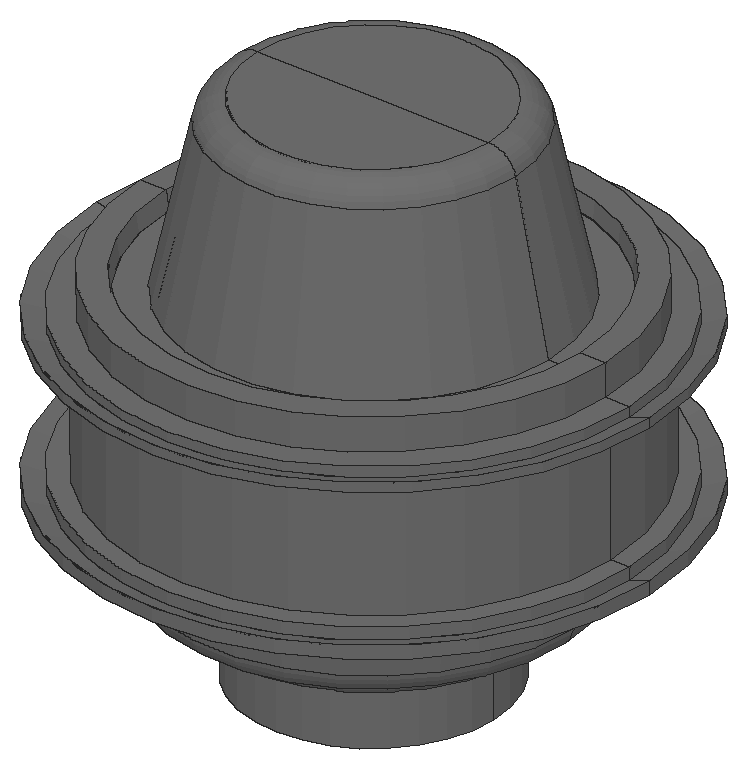
Revit family (continued)
Lines and regions (in)
  model lines
    curve 403: arc (-3.86978, 2.48088, 2.95055) -> (-3.97623, 2.25467, 2.70055) -> (-4.08267, 2.02846, 2.95055) r 0.25
    curve 404: arc (-3.81656, 2.59398, 2.63132) -> (-3.71012, 2.82019, 2.88132) -> (-3.60367, 3.04639, 2.63132) r 0.25
    curve 405: arc (-3.60367, 3.04639, 2.63132) -> (-3.71012, 2.82019, 2.38132) -> (-3.81656, 2.59398, 2.63132) r 0.25
    curve 406: arc (-3.81656, 2.59398, 2.06882) -> (-3.71012, 2.82019, 2.31882) -> (-3.60367, 3.04639, 2.06882) r 0.25
    curve 407: arc (-3.60367, 3.04639, 2.06882) -> (-3.71012, 2.82019, 1.81882) -> (-3.81656, 2.59398, 2.06882) r 0.25
    curve 408: arc (-3.81656, 2.59398, 1.50632) -> (-3.71012, 2.82019, 1.75632) -> (-3.60367, 3.04639, 1.50632) r 0.25
    curve 409: arc (-3.60367, 3.04639, 1.50632) -> (-3.71012, 2.82019, 1.25632) -> (-3.81656, 2.59398, 1.50632) r 0.25
    curve 410: arc (-3.81656, 2.59398, 0.85031) -> (-3.71012, 2.82019, 1.10031) -> (-3.60367, 3.04639, 0.85031) r 0.25
    curve 411: arc (-3.60367, 3.04639, 0.85031) -> (-3.71012, 2.82019, 0.60031) -> (-3.81656, 2.59398, 0.85031) r 0.25
    curve 412: arc (-4.09455, 2.00323, 2.38132) -> (-3.9881, 2.22944, 2.63132) -> (-3.88166, 2.45565, 2.38132) r 0.25
    curve 413: arc (-3.88166, 2.45565, 2.38132) -> (-3.9881, 2.22944, 2.13132) -> (-4.09455, 2.00323, 2.38132) r 0.25
    curve 414: arc (-4.09455, 2.00323, 1.78721) -> (-3.9881, 2.22944, 2.03721) -> (-3.88166, 2.45565, 1.78721) r 0.25
    curve 415: arc (-3.88166, 2.45565, 1.78721) -> (-3.9881, 2.22944, 1.53721) -> (-4.09455, 2.00323, 1.78721) r 0.25
    curve 416: arc (-4.09455, 2.00323, 1.16473) -> (-3.9881, 2.22944, 1.41473) -> (-3.88166, 2.45565, 1.16473) r 0.25
    curve 417: arc (-3.88166, 2.45565, 1.16473) -> (-3.9881, 2.22944, 0.91473) -> (-4.09455, 2.00323, 1.16473) r 0.25
    curve 418: line (-1.22342, 1.96093, 8.40741) -> (-1.95237, 2.30395, 4.83638)
    curve 419: line (-1.38309, 1.62162, 8.40741) -> (-2.1298, 1.973, 4.74935)
    curve 420: arc (-1.22342, 1.96093, 8.40741) -> (-1.26592, 1.7737, 8.59032) -> (-1.38309, 1.62162, 8.40741) r 0.1875
    curve 421: arc (-4.26874, 0.98536, 3.19382) -> (-4.22189, 1.23094, 3.44382) -> (-4.17505, 1.47651, 3.19382) r 0.25
    curve 422: arc (-4.17505, 1.47651, 3.19382) -> (-4.22189, 1.23094, 2.94382) -> (-4.26874, 0.98536, 3.19382) r 0.25
    curve 423: arc (-4.38585, 0.37143, 2.95055) -> (-4.33901, 0.61701, 3.20055) -> (-4.29216, 0.86258, 2.95055) r 0.25
    curve 424: arc (-4.29216, 0.86258, 2.95055) -> (-4.33901, 0.61701, 2.70055) -> (-4.38585, 0.37143, 2.95055) r 0.25
    curve 425: arc (-4.26874, 0.98536, 2.63132) -> (-4.22189, 1.23094, 2.88132) -> (-4.17505, 1.47651, 2.63132) r 0.25
    curve 426: arc (-4.17505, 1.47651, 2.63132) -> (-4.22189, 1.23094, 2.38132) -> (-4.26874, 0.98536, 2.63132) r 0.25
    curve 427: arc (-4.26874, 0.98536, 2.06882) -> (-4.22189, 1.23094, 2.31882) -> (-4.17505, 1.47651, 2.06882) r 0.25
    curve 428: arc (-4.17505, 1.47651, 2.06882) -> (-4.22189, 1.23094, 1.81882) -> (-4.26874, 0.98536, 2.06882) r 0.25
    curve 429: arc (-4.26874, 0.98536, 1.50632) -> (-4.22189, 1.23094, 1.75632) -> (-4.17505, 1.47651, 1.50632) r 0.25
    curve 430: arc (-4.17505, 1.47651, 1.50632) -> (-4.22189, 1.23094, 1.25632) -> (-4.26874, 0.98536, 1.50632) r 0.25
    curve 431: arc (-4.26874, 0.98536, 0.85031) -> (-4.22189, 1.23094, 1.10031) -> (-4.17505, 1.47651, 0.85031) r 0.25
    curve 432: arc (-4.17505, 1.47651, 0.85031) -> (-4.22189, 1.23094, 0.60031) -> (-4.26874, 0.98536, 0.85031) r 0.25
    curve 433: arc (-4.39108, 0.34405, 2.38132) -> (-4.34423, 0.58962, 2.63132) -> (-4.29739, 0.83519, 2.38132) r 0.25
    curve 434: arc (-4.29739, 0.83519, 2.38132) -> (-4.34423, 0.58962, 2.13132) -> (-4.39108, 0.34405, 2.38132) r 0.25
    curve 435: arc (-4.39108, 0.34405, 1.78721) -> (-4.34423, 0.58962, 2.03721) -> (-4.29739, 0.83519, 1.78721) r 0.25
    curve 436: arc (-4.29739, 0.83519, 1.78721) -> (-4.34423, 0.58962, 1.53721) -> (-4.39108, 0.34405, 1.78721) r 0.25
    curve 437: arc (-4.39108, 0.34405, 1.16473) -> (-4.34423, 0.58962, 1.41473) -> (-4.29739, 0.83519, 1.16473) r 0.25
    curve 438: arc (-4.29739, 0.83519, 1.16473) -> (-4.34423, 0.58962, 0.91473) -> (-4.39108, 0.34405, 1.16473) r 0.25
    curve 439: line (-1.59963, 1.01709, 8.40741) -> (-2.39099, 1.16805, 4.83638)
    curve 440: line (-1.6699, 0.64873, 8.40741) -> (-2.48054, 0.80337, 4.74935)
    curve 441: arc (-1.59963, 1.01709, 8.40741) -> (-1.59424, 0.82518, 8.59032) -> (-1.6699, 0.64873, 8.40741) r 0.1875
    curve 442: arc (-4.30666, -0.68516, 3.19382) -> (-4.32236, -0.43566, 3.44382) -> (-4.33806, -0.18615, 3.19382) r 0.25
    curve 443: arc (-4.33806, -0.18615, 3.19382) -> (-4.32236, -0.43566, 2.94382) -> (-4.30666, -0.68516, 3.19382) r 0.25
    curve 444: arc (-4.26742, -1.30893, 2.95055) -> (-4.28312, -1.05942, 3.20055) -> (-4.29881, -0.80992, 2.95055) r 0.25
    curve 445: arc (-4.29881, -0.80992, 2.95055) -> (-4.28312, -1.05942, 2.70055) -> (-4.26742, -1.30893, 2.95055) r 0.25
    curve 446: arc (-4.30666, -0.68516, 2.63132) -> (-4.32236, -0.43566, 2.88132) -> (-4.33806, -0.18615, 2.63132) r 0.25
    curve 447: arc (-4.33806, -0.18615, 2.63132) -> (-4.32236, -0.43566, 2.38132) -> (-4.30666, -0.68516, 2.63132) r 0.25
    curve 448: arc (-4.30666, -0.68516, 2.06882) -> (-4.32236, -0.43566, 2.31882) -> (-4.33806, -0.18615, 2.06882) r 0.25
    curve 449: arc (-4.33806, -0.18615, 2.06882) -> (-4.32236, -0.43566, 1.81882) -> (-4.30666, -0.68516, 2.06882) r 0.25
    curve 450: arc (-4.30666, -0.68516, 1.50632) -> (-4.32236, -0.43566, 1.75632) -> (-4.33806, -0.18615, 1.50632) r 0.25
    curve 451: arc (-4.33806, -0.18615, 1.50632) -> (-4.32236, -0.43566, 1.25632) -> (-4.30666, -0.68516, 1.50632) r 0.25
    curve 452: arc (-4.30666, -0.68516, 0.85031) -> (-4.32236, -0.43566, 1.10031) -> (-4.33806, -0.18615, 0.85031) r 0.25
    curve 453: arc (-4.33806, -0.18615, 0.85031) -> (-4.32236, -0.43566, 0.60031) -> (-4.30666, -0.68516, 0.85031) r 0.25
    curve 454: arc (-4.26567, -1.33676, 2.38132) -> (-4.28136, -1.08725, 2.63132) -> (-4.29706, -0.83775, 2.38132) r 0.25
    curve 455: arc (-4.29706, -0.83775, 2.38132) -> (-4.28136, -1.08725, 2.13132) -> (-4.26567, -1.33676, 2.38132) r 0.25
    curve 456: arc (-4.26567, -1.33676, 1.78721) -> (-4.28136, -1.08725, 2.03721) -> (-4.29706, -0.83775, 1.78721) r 0.25
    curve 457: arc (-4.29706, -0.83775, 1.78721) -> (-4.28136, -1.08725, 1.53721) -> (-4.26567, -1.33676, 1.78721) r 0.25
    curve 458: arc (-4.26567, -1.33676, 1.16473) -> (-4.28136, -1.08725, 1.41473) -> (-4.29706, -0.83775, 1.16473) r 0.25
    curve 459: arc (-4.29706, -0.83775, 1.16473) -> (-4.28136, -1.08725, 0.91473) -> (-4.26567, -1.33676, 1.16473) r 0.25
    curve 460: line (-1.7293, 0.00934, 8.40741) -> (-2.53333, -0.04124, 4.83638)
    curve 461: line (-1.70576, -0.36492, 8.40741) -> (-2.52938, -0.41674, 4.74935)
    curve 462: arc (-1.7293, 0.00934, 8.40741) -> (-1.67635, -0.1752, 8.59032) -> (-1.70576, -0.36492, 8.40741) r 0.1875
    curve 463: arc (-3.92795, -2.31264, 3.19382) -> (-4.00521, -2.07488, 3.44382) -> (-4.08246, -1.83711, 3.19382) r 0.25
    curve 464: arc (-4.08246, -1.83711, 3.19382) -> (-4.00521, -2.07488, 2.94382) -> (-3.92795, -2.31264, 3.19382) r 0.25
    curve 465: arc (-3.73482, -2.90705, 2.95055) -> (-3.81207, -2.66929, 3.20055) -> (-3.88932, -2.43152, 2.95055) r 0.25
    curve 466: arc (-3.88932, -2.43152, 2.95055) -> (-3.81207, -2.66929, 2.70055) -> (-3.73482, -2.90705, 2.95055) r 0.25
    curve 467: arc (-3.92795, -2.31264, 2.63132) -> (-4.00521, -2.07488, 2.88132) -> (-4.08246, -1.83711, 2.63132) r 0.25
    curve 468: arc (-4.08246, -1.83711, 2.63132) -> (-4.00521, -2.07488, 2.38132) -> (-3.92795, -2.31264, 2.63132) r 0.25
    curve 469: arc (-3.92795, -2.31264, 2.06882) -> (-4.00521, -2.07488, 2.31882) -> (-4.08246, -1.83711, 2.06882) r 0.25
    curve 470: arc (-4.08246, -1.83711, 2.06882) -> (-4.00521, -2.07488, 1.81882) -> (-3.92795, -2.31264, 2.06882) r 0.25
    curve 471: arc (-3.92795, -2.31264, 1.50632) -> (-4.00521, -2.07488, 1.75632) -> (-4.08246, -1.83711, 1.50632) r 0.25
    curve 472: arc (-4.08246, -1.83711, 1.50632) -> (-4.00521, -2.07488, 1.25632) -> (-3.92795, -2.31264, 1.50632) r 0.25
    curve 473: arc (-3.92795, -2.31264, 0.85031) -> (-4.00521, -2.07488, 1.10031) -> (-4.08246, -1.83711, 0.85031) r 0.25
    curve 474: arc (-4.08246, -1.83711, 0.85031) -> (-4.00521, -2.07488, 0.60031) -> (-3.92795, -2.31264, 0.85031) r 0.25
    curve 475: arc (-3.7262, -2.93357, 2.38132) -> (-3.80345, -2.69581, 2.63132) -> (-3.88071, -2.45804, 2.38132) r 0.25
    curve 476: arc (-3.88071, -2.45804, 2.38132) -> (-3.80345, -2.69581, 2.13132) -> (-3.7262, -2.93357, 2.38132) r 0.25
    curve 477: arc (-3.7262, -2.93357, 1.78721) -> (-3.80345, -2.69581, 2.03721) -> (-3.88071, -2.45804, 1.78721) r 0.25
    curve 478: arc (-3.88071, -2.45804, 1.78721) -> (-3.80345, -2.69581, 1.53721) -> (-3.7262, -2.93357, 1.78721) r 0.25
    curve 479: arc (-3.7262, -2.93357, 1.16473) -> (-3.80345, -2.69581, 1.41473) -> (-3.88071, -2.45804, 1.16473) r 0.25
    curve 480: arc (-3.88071, -2.45804, 1.16473) -> (-3.80345, -2.69581, 0.91473) -> (-3.7262, -2.93357, 1.16473) r 0.25
    curve 481: line (-1.60428, -0.99899, 8.40741) -> (-2.37047, -1.24794, 4.83638)
    curve 482: line (-1.4884, -1.35564, 8.40741) -> (-2.27326, -1.61066, 4.74935)
    curve 483: arc (-1.60428, -0.99899, 8.40741) -> (-1.5071, -1.16456, 8.59032) -> (-1.4884, -1.35564, 8.40741) r 0.1875
    curve 484: arc (-3.1564, -3.79481, 3.19382) -> (-3.29036, -3.58373, 3.44382) -> (-3.42431, -3.37264, 3.19382) r 0.25
    curve 485: arc (-3.42431, -3.37264, 3.19382) -> (-3.29036, -3.58373, 2.94382) -> (-3.1564, -3.79481, 3.19382) r 0.25
    curve 486: arc (-2.82151, -4.32251, 2.95055) -> (-2.95547, -4.11143, 3.20055) -> (-3.08942, -3.90035, 2.95055) r 0.25
    curve 487: arc (-3.08942, -3.90035, 2.95055) -> (-2.95547, -4.11143, 2.70055) -> (-2.82151, -4.32251, 2.95055) r 0.25
    curve 488: arc (-3.1564, -3.79481, 2.63132) -> (-3.29036, -3.58373, 2.88132) -> (-3.42431, -3.37264, 2.63132) r 0.25
    curve 489: arc (-3.42431, -3.37264, 2.63132) -> (-3.29036, -3.58373, 2.38132) -> (-3.1564, -3.79481, 2.63132) r 0.25
    curve 490: arc (-3.1564, -3.79481, 2.06882) -> (-3.29036, -3.58373, 2.31882) -> (-3.42431, -3.37264, 2.06882) r 0.25
    curve 491: arc (-3.42431, -3.37264, 2.06882) -> (-3.29036, -3.58373, 1.81882) -> (-3.1564, -3.79481, 2.06882) r 0.25
    curve 492: arc (-3.1564, -3.79481, 1.50632) -> (-3.29036, -3.58373, 1.75632) -> (-3.42431, -3.37264, 1.50632) r 0.25
    curve 493: arc (-3.42431, -3.37264, 1.50632) -> (-3.29036, -3.58373, 1.25632) -> (-3.1564, -3.79481, 1.50632) r 0.25
    curve 494: arc (-3.1564, -3.79481, 0.85031) -> (-3.29036, -3.58373, 1.10031) -> (-3.42431, -3.37264, 0.85031) r 0.25
    curve 495: arc (-3.42431, -3.37264, 0.85031) -> (-3.29036, -3.58373, 0.60031) -> (-3.1564, -3.79481, 0.85031) r 0.25
    curve 496: arc (-2.80657, -4.34606, 2.38132) -> (-2.94052, -4.13497, 2.63132) -> (-3.07448, -3.92389, 2.38132) r 0.25
    curve 497: arc (-3.07448, -3.92389, 2.38132) -> (-2.94052, -4.13497, 2.13132) -> (-2.80657, -4.34606, 2.38132) r 0.25
    curve 498: arc (-2.80657, -4.34606, 1.78721) -> (-2.94052, -4.13497, 2.03721) -> (-3.07448, -3.92389, 1.78721) r 0.25
    curve 499: arc (-3.07448, -3.92389, 1.78721) -> (-2.94052, -4.13497, 1.53721) -> (-2.80657, -4.34606, 1.78721) r 0.25
    curve 500: arc (-2.80657, -4.34606, 1.16473) -> (-2.94052, -4.13497, 1.41473) -> (-3.07448, -3.92389, 1.16473) r 0.25
    curve 501: arc (-3.07448, -3.92389, 1.16473) -> (-2.94052, -4.13497, 0.91473) -> (-2.80657, -4.34606, 1.16473) r 0.25
    curve 502: line (-1.23242, -1.94455, 8.40741) -> (-1.91263, -2.37623, 4.83638)
    curve 503: line (-1.03149, -2.26118, 8.40741) -> (-1.72828, -2.70337, 4.74935)
    curve 504: arc (-1.23242, -1.94455, 8.40741) -> (-1.09712, -2.08076, 8.59032) -> (-1.03149, -2.26118, 8.40741) r 0.1875
    curve 505: arc (-2.04049, -5.03853, 3.19382) -> (-2.22273, -4.8674, 3.44382) -> (-2.40497, -4.69626, 3.19382) r 0.25
    curve 506: arc (-2.40497, -4.69626, 3.19382) -> (-2.22273, -4.8674, 2.94382) -> (-2.04049, -5.03853, 3.19382) r 0.25
    curve 507: arc (-1.58488, -5.46637, 2.95055) -> (-1.76713, -5.29524, 3.20055) -> (-1.94937, -5.1241, 2.95055) r 0.25
    curve 508: arc (-1.94937, -5.1241, 2.95055) -> (-1.76713, -5.29524, 2.70055) -> (-1.58488, -5.46637, 2.95055) r 0.25
    curve 509: arc (-2.04049, -5.03853, 2.63132) -> (-2.22273, -4.8674, 2.88132) -> (-2.40497, -4.69626, 2.63132) r 0.25
    curve 510: arc (-2.40497, -4.69626, 2.63132) -> (-2.22273, -4.8674, 2.38132) -> (-2.04049, -5.03853, 2.63132) r 0.25
    curve 511: arc (-2.04049, -5.03853, 2.06882) -> (-2.22273, -4.8674, 2.31882) -> (-2.40497, -4.69626, 2.06882) r 0.25
    curve 512: arc (-2.40497, -4.69626, 2.06882) -> (-2.22273, -4.8674, 1.81882) -> (-2.04049, -5.03853, 2.06882) r 0.25
    curve 513: arc (-2.04049, -5.03853, 1.50632) -> (-2.22273, -4.8674, 1.75632) -> (-2.40497, -4.69626, 1.50632) r 0.25
    curve 514: arc (-2.40497, -4.69626, 1.50632) -> (-2.22273, -4.8674, 1.25632) -> (-2.04049, -5.03853, 1.50632) r 0.25
    curve 515: arc (-2.04049, -5.03853, 0.85031) -> (-2.22273, -4.8674, 1.10031) -> (-2.40497, -4.69626, 0.85031) r 0.25
    curve 516: arc (-2.40497, -4.69626, 0.85031) -> (-2.22273, -4.8674, 0.60031) -> (-2.04049, -5.03853, 0.85031) r 0.25
    curve 517: arc (-1.56456, -5.48546, 2.38132) -> (-1.7468, -5.31432, 2.63132) -> (-1.92904, -5.14319, 2.38132) r 0.25
    curve 518: arc (-1.92904, -5.14319, 2.38132) -> (-1.7468, -5.31432, 2.13132) -> (-1.56456, -5.48546, 2.38132) r 0.25
    curve 519: arc (-1.56456, -5.48546, 1.78721) -> (-1.7468, -5.31432, 2.03721) -> (-1.92904, -5.14319, 1.78721) r 0.25
    curve 520: arc (-1.92904, -5.14319, 1.78721) -> (-1.7468, -5.31432, 1.53721) -> (-1.56456, -5.48546, 1.78721) r 0.25
    curve 521: arc (-1.56456, -5.48546, 1.16473) -> (-1.7468, -5.31432, 1.41473) -> (-1.92904, -5.14319, 1.16473) r 0.25
    curve 522: arc (-1.92904, -5.14319, 1.16473) -> (-1.7468, -5.31432, 0.91473) -> (-1.56456, -5.48546, 1.16473) r 0.25
    curve 523: line (-0.6371, -2.76793, 8.40741) -> (-1.18858, -3.35521, 4.83638)
    curve 524: line (-0.36373, -3.02464, 8.40741) -> (-0.92866, -3.62623, 4.74935)
    curve 525: arc (-0.6371, -2.76793, 8.40741) -> (-0.47217, -2.86621, 8.59032) -> (-0.36373, -3.02464, 8.40741) r 0.1875
    curve 526: arc (-0.65034, -5.96567, 3.19382) -> (-0.86941, -5.84523, 3.44382) -> (-1.08849, -5.72479, 3.19382) r 0.25
    curve 527: arc (-1.08849, -5.72479, 3.19382) -> (-0.86941, -5.84523, 2.94382) -> (-0.65034, -5.96567, 3.19382) r 0.25
    curve 528: arc (-0.10264, -6.26676, 2.95055) -> (-0.32172, -6.14632, 3.20055) -> (-0.5408, -6.02589, 2.95055) r 0.25
    curve 529: arc (-0.5408, -6.02589, 2.95055) -> (-0.32172, -6.14632, 2.70055) -> (-0.10264, -6.26676, 2.95055) r 0.25
    curve 530: arc (-0.65034, -5.96567, 2.63132) -> (-0.86941, -5.84523, 2.88132) -> (-1.08849, -5.72479, 2.63132) r 0.25
    curve 531: arc (-1.08849, -5.72479, 2.63132) -> (-0.86941, -5.84523, 2.38132) -> (-0.65034, -5.96567, 2.63132) r 0.25
    curve 532: arc (-0.65034, -5.96567, 2.06882) -> (-0.86941, -5.84523, 2.31882) -> (-1.08849, -5.72479, 2.06882) r 0.25
    curve 533: arc (-1.08849, -5.72479, 2.06882) -> (-0.86941, -5.84523, 1.81882) -> (-0.65034, -5.96567, 2.06882) r 0.25
    curve 534: arc (-0.65034, -5.96567, 1.50632) -> (-0.86941, -5.84523, 1.75632) -> (-1.08849, -5.72479, 1.50632) r 0.25
    curve 535: arc (-1.08849, -5.72479, 1.50632) -> (-0.86941, -5.84523, 1.25632) -> (-0.65034, -5.96567, 1.50632) r 0.25
    curve 536: arc (-0.65034, -5.96567, 0.85031) -> (-0.86941, -5.84523, 1.10031) -> (-1.08849, -5.72479, 0.85031) r 0.25
    curve 537: arc (-1.08849, -5.72479, 0.85031) -> (-0.86941, -5.84523, 0.60031) -> (-0.65034, -5.96567, 0.85031) r 0.25
    curve 538: arc (-0.07821, -6.2802, 2.38132) -> (-0.29729, -6.15976, 2.63132) -> (-0.51636, -6.03932, 2.38132) r 0.25
    curve 539: arc (-0.51636, -6.03932, 2.38132) -> (-0.29729, -6.15976, 2.13132) -> (-0.07821, -6.2802, 2.38132) r 0.25
    curve 540: arc (-0.07821, -6.2802, 1.78721) -> (-0.29729, -6.15976, 2.03721) -> (-0.51636, -6.03932, 1.78721) r 0.25
    curve 541: arc (-0.51636, -6.03932, 1.78721) -> (-0.29729, -6.15976, 1.53721) -> (-0.07821, -6.2802, 1.78721) r 0.25
    curve 542: arc (-0.07821, -6.2802, 1.16473) -> (-0.29729, -6.15976, 1.41473) -> (-0.51636, -6.03932, 1.16473) r 0.25
    curve 543: arc (-0.51636, -6.03932, 1.16473) -> (-0.29729, -6.15976, 0.91473) -> (-0.07821, -6.2802, 1.16473) r 0.25
    curve 544: line (0.14429, -3.41739, 8.40741) -> (-0.24382, -4.12337, 4.83638)
    curve 545: line (0.47291, -3.59805, 8.40741) -> (0.07533, -4.32123, 4.74935)
    curve 546: arc (0.14429, -3.41739, 8.40741) -> (0.32848, -3.47156, 8.59032) -> (0.47291, -3.59805, 8.40741) r 0.1875
  model lines, not visible
    curve 22: arc (2.59156, -6.6607, 3.19382) -> (2.34156, -6.6607, 3.44382) -> (2.09156, -6.6607, 3.19382) r 0.25
    curve 23: arc (2.09156, -6.6607, 3.19382) -> (2.34156, -6.6607, 2.94382) -> (2.59156, -6.6607, 3.19382) r 0.25
    curve 24: arc (3.21656, -6.6607, 2.95055) -> (2.96656, -6.6607, 3.20055) -> (2.71656, -6.6607, 2.95055) r 0.25
    curve 25: arc (2.71656, -6.6607, 2.95055) -> (2.96656, -6.6607, 2.70055) -> (3.21656, -6.6607, 2.95055) r 0.25
    curve 26: arc (2.59156, -6.6607, 2.63132) -> (2.34156, -6.6607, 2.88132) -> (2.09156, -6.6607, 2.63132) r 0.25
    curve 27: arc (2.09156, -6.6607, 2.63132) -> (2.34156, -6.6607, 2.38132) -> (2.59156, -6.6607, 2.63132) r 0.25
    curve 28: arc (2.59156, -6.6607, 2.06882) -> (2.34156, -6.6607, 2.31882) -> (2.09156, -6.6607, 2.06882) r 0.25
    curve 29: arc (2.09156, -6.6607, 2.06882) -> (2.34156, -6.6607, 1.81882) -> (2.59156, -6.6607, 2.06882) r 0.25
    curve 30: arc (2.59156, -6.6607, 1.50632) -> (2.34156, -6.6607, 1.75632) -> (2.09156, -6.6607, 1.50632) r 0.25
    curve 31: arc (2.09156, -6.6607, 1.50632) -> (2.34156, -6.6607, 1.25632) -> (2.59156, -6.6607, 1.50632) r 0.25
    curve 32: arc (2.59156, -6.6607, 0.85031) -> (2.34156, -6.6607, 1.10031) -> (2.09156, -6.6607, 0.85031) r 0.25
    curve 33: arc (2.09156, -6.6607, 0.85031) -> (2.34156, -6.6607, 0.60031) -> (2.59156, -6.6607, 0.85031) r 0.25
    curve 34: arc (3.24445, -6.6607, 2.38132) -> (2.99445, -6.6607, 2.63132) -> (2.74445, -6.6607, 2.38132) r 0.25
    curve 35: arc (2.74445, -6.6607, 2.38132) -> (2.99445, -6.6607, 2.13132) -> (3.24445, -6.6607, 2.38132) r 0.25
    curve 36: arc (3.24445, -6.6607, 1.78721) -> (2.99445, -6.6607, 2.03721) -> (2.74445, -6.6607, 1.78721) r 0.25
    curve 37: arc (2.74445, -6.6607, 1.78721) -> (2.99445, -6.6607, 1.53721) -> (3.24445, -6.6607, 1.78721) r 0.25
    curve 38: arc (3.24445, -6.6607, 1.16473) -> (2.99445, -6.6607, 1.41473) -> (2.74445, -6.6607, 1.16473) r 0.25
    curve 39: arc (2.74445, -6.6607, 1.16473) -> (2.99445, -6.6607, 0.91473) -> (3.24445, -6.6607, 1.16473) r 0.25
    curve 40: line (2.06026, -4.04482, 8.40741) -> (2.06026, -4.85044, 4.83638)
    curve 41: line (2.43526, -4.04482, 8.40741) -> (2.43526, -4.87007, 4.74935)
    curve 42: arc (2.06026, -4.04482, 8.40741) -> (2.24776, -4.00355, 8.59032) -> (2.43526, -4.04482, 8.40741) r 0.1875
Dimensions and locks (in)
  equal spacing: plane 4, plane 3 "Center (Left/Right)", plane 5
  "D Diameter": plane 4 to plane 5
  plane 7 to plane 6 = 0' - 5"
  plane 8 to plane 7 = 0' - 4"
  plane 9 to plane 8 = 0' - 5 1/4"
  locked: Revolve 1 sketch curve to Revolve 1 sketch curve at 2.83519
  "Drain Outlet Radius": plane 3 "Center (Left/Right)" to Revolve 1 sketch curve
  aligned and locked: plane 3 "Center (Left/Right)" to Revolve 1 sketch curve
  aligned and locked: Revolve 2 sketch curve to plane 3 "Center (Left/Right)"
  aligned and locked: Revolve 3 sketch curve to plane 3 "Center (Left/Right)"
  aligned and locked: Revolve 4 sketch curve to plane 3 "Center (Left/Right)"
Automatic sketch dimensions
  Revolve 1 sketch curve to plane 6 = 0' - 0"
  Revolve 1 sketch curve to plane 5 = 0' - 0"
  Revolve 1 sketch curve to Revolve 1 sketch curve = 0' - 0.22312"
  Revolve 1 sketch curve to Revolve 1 sketch curve = 0' - 0.10276"
  Revolve 1 sketch curve to Revolve 1 sketch curve = 0' - 0.01859"
  Revolve 1 sketch curve to Revolve 1 sketch curve = 0' - 0 1/16"
  Revolve 1 sketch curve to Revolve 1 sketch curve = 0' - 0.04391"
  Revolve 1 sketch curve to Revolve 1 sketch curve = 0' - 0.04316"
  Revolve 1 sketch curve to Revolve 1 sketch curve = 0' - 0.08109"
  Revolve 1 sketch curve to Revolve 1 sketch curve = 0' - 0.20593"
  Revolve 1 sketch curve to Revolve 1 sketch curve = 0' - 0.24995"
  level to Revolve 1 sketch curve = 0' - 0.08104"
  Revolve 1 sketch curve to Revolve 1 sketch curve = 0' - 0.72821"
  Revolve 1 sketch curve to Revolve 1 sketch curve = 0' - 0.74134"
  Revolve 1 sketch curve to Revolve 1 sketch curve = 0' - 0.12522"
  Revolve 1 sketch curve to plane 7 = 0' - 0.42473"
  Revolve 1 sketch curve to Revolve 1 sketch curve = 0' - 0.13325"
  Revolve 1 sketch curve to Revolve 1 sketch curve = 0' - 0.05065"
  Revolve 1 sketch curve to Revolve 1 sketch curve = 0' - 0.17208"
  Revolve 1 sketch curve to Revolve 1 sketch curve = 0' - 0.07504"
  Revolve 1 sketch curve to plane 7 = 0' - 0.24119"
  Revolve 1 sketch curve to Revolve 1 sketch curve = 0' - 0.40315"
  Revolve 1 sketch curve to Revolve 1 sketch curve = 0' - 0.40519"
  Revolve 1 sketch curve to Revolve 1 sketch curve = 0' - 0.33554"
  Revolve 1 sketch curve to plane 7 = 0' - 0.11409"
  plane 5 to Revolve 1 sketch curve = 0' - 0.54544"
  Revolve 1 sketch curve to plane 6 = 0' - 0.24273"
  Revolve 1 sketch curve to plane 6 = 0' - 1.93127"
  Revolve 1 sketch curve to Revolve 1 sketch curve = 0' - 0.10602"
  Revolve 1 sketch curve to Revolve 1 sketch curve = 0' - 0.02809"
  Revolve 1 sketch curve to Revolve 1 sketch curve = 0' - 0.0809"
  Revolve 1 sketch curve to Revolve 1 sketch curve = 0' - 0.08488"
  Revolve 1 sketch curve to Revolve 1 sketch curve = 0' - 0.03867"
  Revolve 1 sketch curve to Revolve 1 sketch curve = 0' - 0.24495"
  Revolve 1 sketch curve to Revolve 1 sketch curve = 0' - 0.16923"
  Revolve 1 sketch curve to level = 0' - 0.85971"
  Revolve 1 sketch curve to Revolve 1 sketch curve = 0' - 0.03788"
  Revolve 1 sketch curve to level = 0' - 0.05403"
  level to Revolve 1 sketch curve = 0' - 0.1268"
  plane 7 to Revolve 1 sketch curve = 0' - 0.03444"
  plane 7 to Revolve 1 sketch curve = 0' - 0.00956"
  Revolve 1 sketch curve to Revolve 1 sketch curve = 0' - 0.3051"
  Revolve 1 sketch curve to Revolve 1 sketch curve = 0' - 0.35117"
  Revolve 1 sketch curve to plane 7 = 0' - 7.74273"
  Revolve 2 sketch curve to Revolve 2 sketch curve = 0' - 0.05329"
  plane 8 to Revolve 2 sketch curve = 0' - 1.2966"
  Revolve 2 sketch curve to Revolve 2 sketch curve = 0' - 0.3846"
  plane 8 to Revolve 2 sketch curve = 0' - 0.25597"
  Revolve 2 sketch curve to plane 5 = 0' - 0"
  plane 8 to Revolve 2 sketch curve = 0' - 0.00904"
  Revolve 2 sketch curve to Revolve 2 sketch curve = 0' - 0.74124"
  plane 8 to Revolve 2 sketch curve = 0' - 0.18151"
  plane 5 to Revolve 2 sketch curve = 0' - 0.54544"
  Revolve 2 sketch curve to plane 8 = 0' - 0.07879"
  Revolve 2 sketch curve to Revolve 2 sketch curve = 0' - 0.6483"
  Revolve 2 sketch curve to plane 8 = 0' - 0.08104"
  Revolve 2 sketch curve to Revolve 2 sketch curve = 0' - 0.86665"
  Revolve 2 sketch curve to Revolve 2 sketch curve = 0' - 0.70233"
  Revolve 2 sketch curve to plane 8 = 0' - 0.45921"
  Revolve 2 sketch curve to Revolve 2 sketch curve = 0' - 0.07203"
  Revolve 2 sketch curve to plane 8 = 0' - 0.17349"
  Revolve 2 sketch curve to Revolve 2 sketch curve = 0' - 2.24204"
  Revolve 2 sketch curve to Revolve 2 sketch curve = 0' - 0.25452"
  Revolve 2 sketch curve to Revolve 2 sketch curve = 0' - 0.81796"
  Revolve 2 sketch curve to Revolve 2 sketch curve = 0' - 0.1337"
  plane 6 to Revolve 2 sketch curve = 3' - 5.98926"
  Revolve 2 sketch curve to Revolve 2 sketch curve = 7' - 5.78589"
  plane 5 to Revolve 3 sketch curve = 0' - 1.18235"
  Revolve 3 sketch curve to Revolve 3 sketch curve = 0' - 0.12638"
  plane 8 to Revolve 3 sketch curve = 0' - 0.85881"
  Revolve 3 sketch curve to Revolve 3 sketch curve = 0' - 0.06444"
  Revolve 3 sketch curve to plane 7 = 0' - 0.11409"
  plane 6 to Revolve 3 sketch curve = 3' - 5.98926"
  Revolve 3 sketch curve to plane 8 = 7' - 6.73133"
  plane 5 to Revolve 4 sketch curve = 0' - 1.9681"
  Revolve 4 sketch curve to plane 8 = 0' - 0.17349"
  Revolve 4 sketch curve to Revolve 4 sketch curve = 0' - 1.03532"
  plane 9 to Revolve 4 sketch curve = 0' - 0.69442"
  plane 3 "Center (Left/Right)" to Revolve 4 sketch curve = 0' - 3.59205"
  plane 9 to Revolve 4 sketch curve = 0' - 0.58681"
  Revolve 4 sketch curve to Revolve 4 sketch curve = 0' - 0.33101"
  Revolve 4 sketch curve to Revolve 4 sketch curve = 0' - 0.23866"
  Revolve 4 sketch curve to Revolve 4 sketch curve = 0' - 0.40102"
  Revolve 4 sketch curve to Revolve 4 sketch curve = 0' - 0.05558"
  Revolve 4 sketch curve to Revolve 4 sketch curve = 0' - 0.03596"
  Revolve 4 sketch curve to Revolve 4 sketch curve = 0' - 0.03019"
  Revolve 4 sketch curve to plane 3 "Center (Left/Right)" = 0' - 0"
  Revolve 4 sketch curve to Revolve 4 sketch curve = 0' - 0.28572"
  plane 6 to Revolve 4 sketch curve = 3' - 5.98926"
  Revolve 4 sketch curve to plane 9 = 7' - 1.48133"
Connectors (in)
  piping at (2.3241, 0, -4.66629), driven by "Drain Outlet Radius"
    settings: on Revolve 1, index 1
Types (6): name | Weight (lb) | Product URL | Pipe Diameter | Drain Outlet Radius | Dome Free Area
  (no name) | 41.52 | "http://www.jrsmith.com/products/roof/submittal/d1010.pdf" | 0' - 6" | 0' - 3" | "6\""
  1017-02 | 43.17 | "http://www.jrsmith.com/products/roof/submittal/d1017.pdf" | 0' - 2" | 0' - 1" | "2\""
  1017-03 | 42.6 | "http://www.jrsmith.com/products/roof/submittal/d1010.pdf" | 0' - 3" | 0' - 1 1/2" | "3\""
  1017-04 | 41.22 | "http://www.jrsmith.com/products/roof/submittal/d1010.pdf" | 0' - 4" | 0' - 2" | "4\""
  1017-05 | 43.1 | "http://www.jrsmith.com/products/roof/submittal/d1010.pdf" | 0' - 5" | 0' - 2 1/2" | "5\""
  1017-06 | 41.52 | "http://www.jrsmith.com/products/roof/submittal/d1010.pdf" | 0' - 6" | 0' - 3" | "6\""
